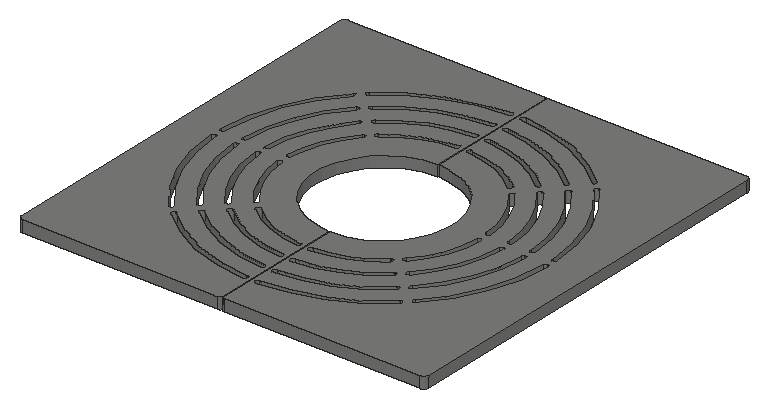
Revit family "Alcorque Taulat", category Furniture, Revit 2020 (continued)
Definition of nested family "Alcorque Taulat-A29A-1495mm"
  Forms (m)
    Extrusion 1, solid
      sketch origin (0, 0, 0) x (1, 0, 0) y (0, 1, 0)
        loop
          arc (-0.267326, 0.235937) -> (-0.267937, 0.248993) -> (-0.281005, 0.24879) r 0.009389
        loop
          arc (-0.02278, -0.618849) -> (-0.01339, -0.609459) -> (-0.02278, -0.60007) r 0.009389
          arc (-0.02278, -0.60007) -> (-0.230126, -0.554657) -> (-0.40872, -0.439944) r 0.600502
          arc (-0.40872, -0.439944) -> (-0.421728, -0.440674) -> (-0.421484, -0.4537) r 0.009389
          arc (-0.421484, -0.4537) -> (-0.236984, -0.572129) -> (-0.02278, -0.618849) r 0.619268
        loop
          arc (-0.02278, -0.537467) -> (-0.013397, -0.528425) -> (-0.022086, -0.518714) r 0.009389
          arc (-0.022086, -0.518714) -> (-0.198683, -0.479664) -> (-0.351169, -0.382404) r 0.519184
          arc (-0.351169, -0.382404) -> (-0.36418, -0.383126) -> (-0.363939, -0.396155) r 0.009389
          arc (-0.363939, -0.396155) -> (-0.205864, -0.497001) -> (-0.02278, -0.537467) r 0.53795
        loop
          arc (-0.02278, -0.456063) -> (-0.013392, -0.44684) -> (-0.022448, -0.43729) r 0.009389
          arc (-0.022448, -0.43729) -> (-0.1677, -0.404479) -> (-0.293555, -0.324888) r 0.437866
          arc (-0.293555, -0.324888) -> (-0.306595, -0.325539) -> (-0.306378, -0.338593) r 0.009389
          arc (-0.306378, -0.338593) -> (-0.174745, -0.421873) -> (-0.02278, -0.456063) r 0.456632
        loop
          arc (-0.02278, -0.374622) -> (-0.013395, -0.365525) -> (-0.022195, -0.355861) r 0.009389
          arc (-0.022195, -0.355861) -> (-0.136445, -0.329408) -> (-0.235934, -0.267323) r 0.356548
          arc (-0.235934, -0.267323) -> (-0.248993, -0.267937) -> (-0.24879, -0.281005) r 0.009389
          arc (-0.24879, -0.281005) -> (-0.143626, -0.346745) -> (-0.02278, -0.374622) r 0.375314
        loop
          arc (-0.4537, -0.421484) -> (-0.440674, -0.421728) -> (-0.439944, -0.40872) r 0.009389
          arc (-0.439944, -0.40872) -> (-0.554792, -0.229802) -> (-0.600096, -0.022079) r 0.600502
          arc (-0.600096, -0.022079) -> (-0.60981, -0.013397) -> (-0.618849, -0.02278) r 0.009389
          arc (-0.618849, -0.02278) -> (-0.572129, -0.236984) -> (-0.4537, -0.421484) r 0.619268
        loop
          arc (-0.396155, -0.363939) -> (-0.383126, -0.36418) -> (-0.382404, -0.351169) r 0.009389
          arc (-0.382404, -0.351169) -> (-0.479664, -0.198683) -> (-0.518714, -0.022086) r 0.519184
          arc (-0.518714, -0.022086) -> (-0.528425, -0.013397) -> (-0.537467, -0.02278) r 0.009389
          arc (-0.537467, -0.02278) -> (-0.497001, -0.205864) -> (-0.396155, -0.363939) r 0.53795
        loop
          arc (-0.338593, -0.306378) -> (-0.325539, -0.306595) -> (-0.324888, -0.293555) r 0.009389
          arc (-0.324888, -0.293555) -> (-0.404479, -0.1677) -> (-0.43729, -0.022448) r 0.437866
          arc (-0.43729, -0.022448) -> (-0.44684, -0.013392) -> (-0.456063, -0.02278) r 0.009389
          arc (-0.456063, -0.02278) -> (-0.421873, -0.174745) -> (-0.338593, -0.306378) r 0.456632
        loop
          arc (-0.281005, -0.24879) -> (-0.267937, -0.248993) -> (-0.267326, -0.235937) r 0.009389
          arc (-0.267326, -0.235937) -> (-0.329408, -0.136445) -> (-0.355857, -0.022195) r 0.356548
          arc (-0.355857, -0.022195) -> (-0.365525, -0.013395) -> (-0.374622, -0.02278) r 0.009389
          arc (-0.374622, -0.02278) -> (-0.346745, -0.143626) -> (-0.281005, -0.24879) r 0.375314
      from 0 to 0.04
  Dimensions and locks (m)
    plane 5 to level = 0.040 m
    Extrusion 1 to Extrusion 1 = 1.495 m
    plane 9 to plane 8 = 1.495 m
    diameter of Extrusion 1 = 0.500 m
    aligned and locked: level to plane 2
Types (4, lengths in m): name | Description | D | B | Alcorque Taulat-A29A-1495mm | Alcorque Taulat-A27A-1195mm | Alcorque Taulat-A26A-995mm | Alcorque Taulat-A25A-795mm | A
  Alcorque Taulat-A25A-795mm | "Alcorque fabricado en acero con tratamiento Ferrus, proceso protector del hierro que garantiza una óptima resistencia a la corrosión." | 0.300 | 0.795 | no | no | no | yes | 0.795
  Alcorque Taulat-A26A-995mm | "Alcorque fabricado en acero con tratamiento Ferrus, proceso protector del hierro que garantiza una óptima resistencia a la corrosión" | 0.300 | 0.995 | no | no | yes | no | 0.995
  Alcorque Taulat-A27A-1195mm | "Alcorque fabricado en acero con tratamiento Ferrus, proceso protector del hierro que garantiza una óptima resistencia a la corrosión" | 0.470 | 1.195 | no | yes | no | no | 1.195
  Alcorque Taulat-A29A-1495mm | "Alcorque fabricado en acero con tratamiento Ferrus, proceso protector del hierro que garantiza una óptima resistencia a la corrosión" | 0.500 | 1.495 | yes | no | no | no | 1.495
